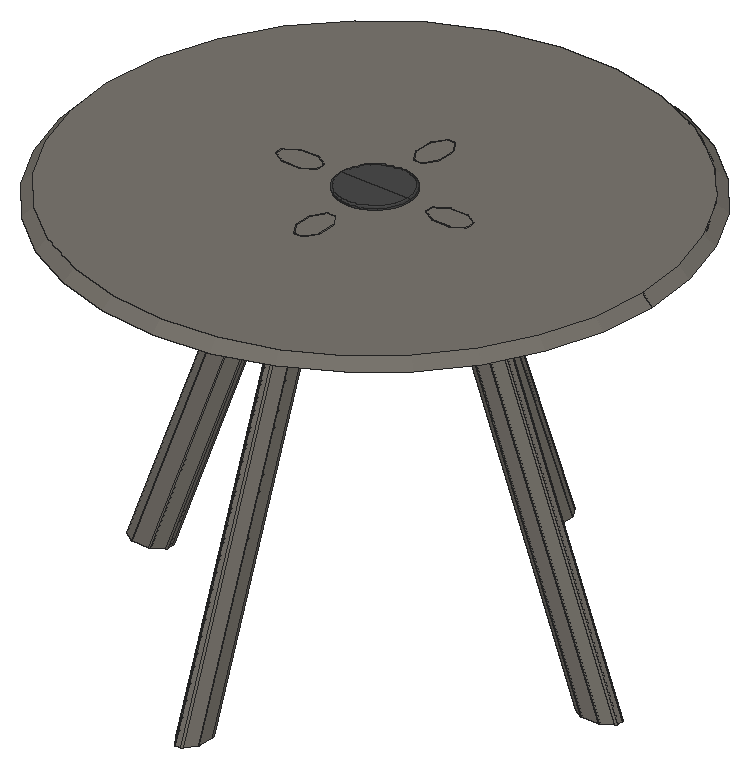
Revit family "Table-Work-Teknion-STBSR_Qui_With_Power-R2014", category Furniture, Revit 2014 (continued)
Definition of nested family "Table-Work-Teknion-STBSR_Square_Qui-R2013"
  Automatic sketch dimensions
    Blend 6 sketch curve to Blend 6 sketch curve = 0.03329"  (x3)
    Blend 6 sketch curve to plane 1 "Center F/B" = 4.76418"
    plane 3 "Center L/R" to Blend 6 sketch curve = 6.99659"
    plane 3 "Center L/R" to Blend 6 sketch curve = 5.72184"
    plane 3 "Center L/R" to Blend 6 sketch curve = 5.79461"
    plane 3 "Center L/R" to Blend 6 sketch curve = 6.55854"
    Blend 7 sketch curve to plane 7 "Front" = 6.35782"
    plane 4 "Left" to Blend 7 sketch curve = 4.12541"
    Blend 7 sketch curve to Blend 7 sketch curve = 0.04019"  (x12)
    plane 4 "Left" to Blend 7 sketch curve = 5.15585"
    Blend 7 sketch curve to Blend 7 sketch curve = 0.1739"  (x3)
    plane 4 "Left" to Blend 7 sketch curve = 5.08307"
    Blend 7 sketch curve to Blend 7 sketch curve = 0.25849"  (x5)
    Blend 7 sketch curve to Blend 7 sketch curve = 0.13936"  (x6)
    Blend 7 sketch curve to Blend 7 sketch curve = 0.74357"  (x4)
    Blend 7 sketch curve to Blend 7 sketch curve = 0.07277"  (x5)
    Blend 7 sketch curve to Blend 7 sketch curve = 0.76393"  (x4)
    Blend 7 sketch curve to Blend 7 sketch curve = 0.14626"  (x5)
    Blend 7 sketch curve to Blend 7 sketch curve = 0.10607"  (x7)
    Blend 7 sketch curve to Blend 7 sketch curve = 0.03329"  (x4)
    plane 1 "Center F/B" to Blend 7 sketch curve = 4.76418"
    Blend 7 sketch curve to plane 3 "Center L/R" = 6.99659"
    Blend 7 sketch curve to plane 3 "Center L/R" = 5.72184"
    Blend 7 sketch curve to plane 3 "Center L/R" = 5.79461"
    Blend 7 sketch curve to plane 3 "Center L/R" = 6.55854"
Definition of nested family "Table-Work-Teknion-STBSR_Round_Qui-R2013"
  Parameters (values of type "25.5" High")
    Width = Diameter  # 36.000"
    Warranty = "http://www.teknionstudio.com/pdfs/Teknion%20Studio%20Warranty.pdf"
    Unit Weight = 0.00 lbf
    URL = "www.teknionstudio.com"
    Table Finish [instance] = none
    Series = "Studio"
    Radius 4 = 8.175"
    Radius 3 = 7.175"
    Radius 2 = Radius - 0.625"  # 17.375"
    Radius = Diameter / 2  # 18.000"
    Product Line = "Qui"
    Product Documentation Link = "http://www.teknionstudio.com/pricing/STBSR_ppg.pdf"
    Part Number = "STBSR"
    Model = "STBSRB25"
    Manufacturer Phone = "919-464-2920"
    Manufacturer Fax = "919-464-2927"
    Manufacturer Email = "customersupport@teknionstudio.com"
    Manufacturer Address = "3941 US 70 Business HWY West, Clayton, NC 27520"
    Manufacturer = "Teknion Studio"
    Low Emitting Material = yes
    Low Emitting Finish = yes
    Height = 25.500"
    Diameter = 36.000"
    Description = "Qui Work Table, Round 36\"dia / 91cm, 25.5\"h / 65 cm"
    Depth = Diameter  # 36.000"
    Assembly Code = "E2020200"
  Reference planes (in)
    plane 1 "Center F/B": y = 0
    plane 2: z = 0
    plane 3 "Center L/R": x = 0
    plane 4 "Left": x = -18
    plane 5 "Right": x = 18
    plane 6 "Back": y = 18
    plane 7 "Front": y = -18
    plane 8 "Top": z = 25.5
    plane 9 "Table Base": z = 24.875
    plane 10 "Table Bottom": z = 23.375
    plane 11 "Leg Top": z = 25.525
  Forms (in)
    Blend 1, solid, material <- "Table Finish"
      base sketch origin (0, 0, 24.875) x (-1, 0, 0) y (0, -1, 0)
        loop
          circle (0, 0) r 18
      top sketch origin (0, 0, 25.5) x (-1, 0, 0) y (0, -1, 0)
        loop
          circle (0, 0) r 17.375
      from 0 to 0
    Blend 2, solid, material <- "Table Finish"
      base sketch origin (0, 0, 23.375) x (-1, 0, 0) y (0, -1, 0)
        loop
          circle (0, 0) r 7.175
      top sketch origin (0, 0, 23.375) x (-1, 0, 0) y (0, -1, 0)
        loop
          circle (0, 0) r 8.175
      from 0 to 1.5
    Blend 3, solid, material <- "Table Finish"
      base sketch origin (0, 0, 25.525) x (-0.707107, -0.707107, 0) y (0.707107, -0.707107, 0)
        loop
          arc (-9.49721, -9.23872) -> (-9.56171, -9.20066) -> (-9.63657, -9.19853) r 0.15
          line (-9.63657, -9.19853) -> (-10.4005, -9.37242)
          arc (-10.4005, -9.37242) -> (-10.43973, -9.38738) -> (-10.47328, -9.41262) r 0.15
          line (-10.47328, -9.41262) -> (-11.21685, -10.15619)
          arc (-11.21685, -10.15619) -> (-11.24209, -10.18973) -> (-11.25704, -10.22896) r 0.15
          line (-11.25704, -10.22896) -> (-11.43094, -10.99289)
          arc (-11.43094, -10.99289) -> (-11.4288, -11.06776) -> (-11.39074, -11.13225) r 0.15
          line (-11.39074, -11.13225) -> (-11.13225, -11.39074)
          arc (-11.13225, -11.39074) -> (-11.06776, -11.4288) -> (-10.99289, -11.43094) r 0.15
          line (-10.99289, -11.43094) -> (-10.22896, -11.25704)
          arc (-10.22896, -11.25704) -> (-10.18973, -11.24209) -> (-10.15619, -11.21685) r 0.15
          line (-10.15619, -11.21685) -> (-9.41262, -10.47328)
          arc (-9.41262, -10.47328) -> (-9.38738, -10.43973) -> (-9.37242, -10.4005) r 0.15
          line (-9.37242, -10.4005) -> (-9.19853, -9.63657)
          arc (-9.19853, -9.63657) -> (-9.20066, -9.56171) -> (-9.23872, -9.49721) r 0.15
          line (-9.23872, -9.49721) -> (-9.49721, -9.23872)
      top sketch origin (0, 0, 25.525) x (-0.707107, -0.707107, 0) y (0.707107, -0.707107, 0)
        loop
          arc (-2.61921, -2.36072) -> (-2.68371, -2.32266) -> (-2.75857, -2.32053) r 0.15
          line (-2.75857, -2.32053) -> (-3.5225, -2.49442)
          arc (-3.5225, -2.49442) -> (-3.56173, -2.50938) -> (-3.59528, -2.53461) r 0.15
          line (-3.59528, -2.53461) -> (-4.33885, -3.27819)
          arc (-4.33885, -3.27819) -> (-4.36409, -3.31173) -> (-4.37904, -3.35096) r 0.15
          line (-4.37904, -3.35096) -> (-4.55294, -4.11489)
          arc (-4.55294, -4.11489) -> (-4.5508, -4.18975) -> (-4.51274, -4.25425) r 0.15
          line (-4.51274, -4.25425) -> (-4.25425, -4.51274)
          arc (-4.25425, -4.51274) -> (-4.18975, -4.5508) -> (-4.11489, -4.55294) r 0.15
          line (-4.11489, -4.55294) -> (-3.35096, -4.37904)
          arc (-3.35096, -4.37904) -> (-3.31173, -4.36409) -> (-3.27819, -4.33885) r 0.15
          line (-3.27819, -4.33885) -> (-2.53461, -3.59528)
          arc (-2.53461, -3.59528) -> (-2.50938, -3.56173) -> (-2.49442, -3.5225) r 0.15
          line (-2.49442, -3.5225) -> (-2.32053, -2.75857)
          arc (-2.32053, -2.75857) -> (-2.32266, -2.68371) -> (-2.36072, -2.61921) r 0.15
          line (-2.36072, -2.61921) -> (-2.61921, -2.36072)
      from -25.525 to -0.025
    Blend 4, solid, material <- "Table Finish"
      base sketch origin (0, 0, 25.525) x (-0.707107, 0.707107, 0) y (-0.707107, -0.707107, 0)
        loop
          arc (-9.49721, -9.23872) -> (-9.56171, -9.20066) -> (-9.63657, -9.19853) r 0.15
          line (-9.63657, -9.19853) -> (-10.4005, -9.37242)
          arc (-10.4005, -9.37242) -> (-10.43973, -9.38738) -> (-10.47328, -9.41262) r 0.15
          line (-10.47328, -9.41262) -> (-11.21685, -10.15619)
          arc (-11.21685, -10.15619) -> (-11.24209, -10.18973) -> (-11.25704, -10.22896) r 0.15
          line (-11.25704, -10.22896) -> (-11.43094, -10.99289)
          arc (-11.43094, -10.99289) -> (-11.4288, -11.06776) -> (-11.39074, -11.13225) r 0.15
          line (-11.39074, -11.13225) -> (-11.13225, -11.39074)
          arc (-11.13225, -11.39074) -> (-11.06776, -11.4288) -> (-10.99289, -11.43094) r 0.15
          line (-10.99289, -11.43094) -> (-10.22896, -11.25704)
          arc (-10.22896, -11.25704) -> (-10.18973, -11.24209) -> (-10.15619, -11.21685) r 0.15
          line (-10.15619, -11.21685) -> (-9.41262, -10.47328)
          arc (-9.41262, -10.47328) -> (-9.38738, -10.43973) -> (-9.37242, -10.4005) r 0.15
          line (-9.37242, -10.4005) -> (-9.19853, -9.63657)
          arc (-9.19853, -9.63657) -> (-9.20066, -9.56171) -> (-9.23872, -9.49721) r 0.15
          line (-9.23872, -9.49721) -> (-9.49721, -9.23872)
      top sketch origin (0, 0, 25.525) x (-0.707107, 0.707107, 0) y (-0.707107, -0.707107, 0)
        loop
          arc (-2.61921, -2.36072) -> (-2.68371, -2.32266) -> (-2.75857, -2.32053) r 0.15
          line (-2.75857, -2.32053) -> (-3.5225, -2.49442)
          arc (-3.5225, -2.49442) -> (-3.56173, -2.50938) -> (-3.59528, -2.53461) r 0.15
          line (-3.59528, -2.53461) -> (-4.33885, -3.27819)
          arc (-4.33885, -3.27819) -> (-4.36409, -3.31173) -> (-4.37904, -3.35096) r 0.15
          line (-4.37904, -3.35096) -> (-4.55294, -4.11489)
          arc (-4.55294, -4.11489) -> (-4.5508, -4.18975) -> (-4.51274, -4.25425) r 0.15
          line (-4.51274, -4.25425) -> (-4.25425, -4.51274)
          arc (-4.25425, -4.51274) -> (-4.18975, -4.5508) -> (-4.11489, -4.55294) r 0.15
          line (-4.11489, -4.55294) -> (-3.35096, -4.37904)
          arc (-3.35096, -4.37904) -> (-3.31173, -4.36409) -> (-3.27819, -4.33885) r 0.15
          line (-3.27819, -4.33885) -> (-2.53461, -3.59528)
          arc (-2.53461, -3.59528) -> (-2.50938, -3.56173) -> (-2.49442, -3.5225) r 0.15
          line (-2.49442, -3.5225) -> (-2.32053, -2.75857)
          arc (-2.32053, -2.75857) -> (-2.32266, -2.68371) -> (-2.36072, -2.61921) r 0.15
          line (-2.36072, -2.61921) -> (-2.61921, -2.36072)
      from -25.525 to -0.025
    Blend 5, solid, material <- "Table Finish"
      base sketch origin (0, 0, 25.525) x (0.707107, 0.707107, 0) y (-0.707107, 0.707107, 0)
        loop
          arc (-9.49721, -9.23872) -> (-9.56171, -9.20066) -> (-9.63657, -9.19853) r 0.15
          line (-9.63657, -9.19853) -> (-10.4005, -9.37242)
          arc (-10.4005, -9.37242) -> (-10.43973, -9.38738) -> (-10.47328, -9.41262) r 0.15
          line (-10.47328, -9.41262) -> (-11.21685, -10.15619)
          arc (-11.21685, -10.15619) -> (-11.24209, -10.18973) -> (-11.25704, -10.22896) r 0.15
          line (-11.25704, -10.22896) -> (-11.43094, -10.99289)
          arc (-11.43094, -10.99289) -> (-11.4288, -11.06776) -> (-11.39074, -11.13225) r 0.15
          line (-11.39074, -11.13225) -> (-11.13225, -11.39074)
          arc (-11.13225, -11.39074) -> (-11.06776, -11.4288) -> (-10.99289, -11.43094) r 0.15
          line (-10.99289, -11.43094) -> (-10.22896, -11.25704)
          arc (-10.22896, -11.25704) -> (-10.18973, -11.24209) -> (-10.15619, -11.21685) r 0.15
          line (-10.15619, -11.21685) -> (-9.41262, -10.47328)
          arc (-9.41262, -10.47328) -> (-9.38738, -10.43973) -> (-9.37242, -10.4005) r 0.15
          line (-9.37242, -10.4005) -> (-9.19853, -9.63657)
          arc (-9.19853, -9.63657) -> (-9.20066, -9.56171) -> (-9.23872, -9.49721) r 0.15
          line (-9.23872, -9.49721) -> (-9.49721, -9.23872)
      top sketch origin (0, 0, 25.525) x (0.707107, 0.707107, 0) y (-0.707107, 0.707107, 0)
        loop
          arc (-2.61921, -2.36072) -> (-2.68371, -2.32266) -> (-2.75857, -2.32053) r 0.15
          line (-2.75857, -2.32053) -> (-3.5225, -2.49442)
          arc (-3.5225, -2.49442) -> (-3.56173, -2.50938) -> (-3.59528, -2.53461) r 0.15
          line (-3.59528, -2.53461) -> (-4.33885, -3.27819)
          arc (-4.33885, -3.27819) -> (-4.36409, -3.31173) -> (-4.37904, -3.35096) r 0.15
          line (-4.37904, -3.35096) -> (-4.55294, -4.11489)
          arc (-4.55294, -4.11489) -> (-4.5508, -4.18975) -> (-4.51274, -4.25425) r 0.15
          line (-4.51274, -4.25425) -> (-4.25425, -4.51274)
          arc (-4.25425, -4.51274) -> (-4.18975, -4.5508) -> (-4.11489, -4.55294) r 0.15
          line (-4.11489, -4.55294) -> (-3.35096, -4.37904)
          arc (-3.35096, -4.37904) -> (-3.31173, -4.36409) -> (-3.27819, -4.33885) r 0.15
          line (-3.27819, -4.33885) -> (-2.53461, -3.59528)
          arc (-2.53461, -3.59528) -> (-2.50938, -3.56173) -> (-2.49442, -3.5225) r 0.15
          line (-2.49442, -3.5225) -> (-2.32053, -2.75857)
          arc (-2.32053, -2.75857) -> (-2.32266, -2.68371) -> (-2.36072, -2.61921) r 0.15
          line (-2.36072, -2.61921) -> (-2.61921, -2.36072)
      from -25.525 to -0.025
    Blend 6, solid, material <- "Table Finish"
      base sketch origin (0, 0, 25.525) x (0.707107, -0.707107, 0) y (0.707107, 0.707107, 0)
        loop
          arc (-9.49721, -9.23872) -> (-9.56171, -9.20066) -> (-9.63657, -9.19853) r 0.15
          line (-9.63657, -9.19853) -> (-10.4005, -9.37242)
          arc (-10.4005, -9.37242) -> (-10.43973, -9.38738) -> (-10.47328, -9.41262) r 0.15
          line (-10.47328, -9.41262) -> (-11.21685, -10.15619)
          arc (-11.21685, -10.15619) -> (-11.24209, -10.18973) -> (-11.25704, -10.22896) r 0.15
          line (-11.25704, -10.22896) -> (-11.43094, -10.99289)
          arc (-11.43094, -10.99289) -> (-11.4288, -11.06776) -> (-11.39074, -11.13225) r 0.15
          line (-11.39074, -11.13225) -> (-11.13225, -11.39074)
          arc (-11.13225, -11.39074) -> (-11.06776, -11.4288) -> (-10.99289, -11.43094) r 0.15
          line (-10.99289, -11.43094) -> (-10.22896, -11.25704)
          arc (-10.22896, -11.25704) -> (-10.18973, -11.24209) -> (-10.15619, -11.21685) r 0.15
          line (-10.15619, -11.21685) -> (-9.41262, -10.47328)
          arc (-9.41262, -10.47328) -> (-9.38738, -10.43973) -> (-9.37242, -10.4005) r 0.15
          line (-9.37242, -10.4005) -> (-9.19853, -9.63657)
          arc (-9.19853, -9.63657) -> (-9.20066, -9.56171) -> (-9.23872, -9.49721) r 0.15
          line (-9.23872, -9.49721) -> (-9.49721, -9.23872)
      top sketch origin (0, 0, 25.525) x (0.707107, -0.707107, 0) y (0.707107, 0.707107, 0)
        loop
          arc (-2.61921, -2.36072) -> (-2.68371, -2.32266) -> (-2.75857, -2.32053) r 0.15
          line (-2.75857, -2.32053) -> (-3.5225, -2.49442)
          arc (-3.5225, -2.49442) -> (-3.56173, -2.50938) -> (-3.59528, -2.53461) r 0.15
          line (-3.59528, -2.53461) -> (-4.33885, -3.27819)
          arc (-4.33885, -3.27819) -> (-4.36409, -3.31173) -> (-4.37904, -3.35096) r 0.15
          line (-4.37904, -3.35096) -> (-4.55294, -4.11489)
          arc (-4.55294, -4.11489) -> (-4.5508, -4.18975) -> (-4.51274, -4.25425) r 0.15
          line (-4.51274, -4.25425) -> (-4.25425, -4.51274)
          arc (-4.25425, -4.51274) -> (-4.18975, -4.5508) -> (-4.11489, -4.55294) r 0.15
          line (-4.11489, -4.55294) -> (-3.35096, -4.37904)
          arc (-3.35096, -4.37904) -> (-3.31173, -4.36409) -> (-3.27819, -4.33885) r 0.15
          line (-3.27819, -4.33885) -> (-2.53461, -3.59528)
          arc (-2.53461, -3.59528) -> (-2.50938, -3.56173) -> (-2.49442, -3.5225) r 0.15
          line (-2.49442, -3.5225) -> (-2.32053, -2.75857)
          arc (-2.32053, -2.75857) -> (-2.32266, -2.68371) -> (-2.36072, -2.61921) r 0.15
          line (-2.36072, -2.61921) -> (-2.61921, -2.36072)
      from -25.525 to -0.025
    Sweep 7, void
      path origin (0, 0, 0) x (1, 0, 0) y (0, 0, 1)
        loop
          line (0, 25.5) -> (0, 25.25)
      profile origin (0, 0, 25.375) x (0, -1, 0) y (1, 0, 0)
        loop
          line (-6.1376, -0.32328) -> (-5.47445, -0.7405)
          arc (-5.47445, -0.7405) -> (-5.43206, -0.7595) -> (-5.38606, -0.766) r 0.166
          line (-5.38606, -0.766) -> (-4.33449, -0.766)
          arc (-4.33449, -0.766) -> (-4.28849, -0.7595) -> (-4.24609, -0.7405) r 0.166
          line (-4.24609, -0.7405) -> (-3.58294, -0.32328)
          arc (-3.58294, -0.32328) -> (-3.52603, -0.26303) -> (-3.50534, -0.18278) r 0.166
          line (-3.50534, -0.18278) -> (-3.50534, 0.18278)
          arc (-3.50534, 0.18278) -> (-3.52603, 0.26303) -> (-3.58294, 0.32328) r 0.166
          line (-3.58294, 0.32328) -> (-4.24609, 0.7405)
          arc (-4.24609, 0.7405) -> (-4.28849, 0.7595) -> (-4.33449, 0.766) r 0.166
          line (-4.33449, 0.766) -> (-5.38606, 0.766)
          arc (-5.38606, 0.766) -> (-5.43206, 0.7595) -> (-5.47445, 0.7405) r 0.166
          line (-5.47445, 0.7405) -> (-6.1376, 0.32328)
          arc (-6.1376, 0.32328) -> (-6.19451, 0.26303) -> (-6.2152, 0.18278) r 0.166
          line (-6.2152, 0.18278) -> (-6.2152, -0.18278)
          arc (-6.2152, -0.18278) -> (-6.19451, -0.26303) -> (-6.1376, -0.32328) r 0.166
        loop
          line (-0.7405, -5.47445) -> (-0.32328, -6.1376)
          arc (-0.32328, -6.1376) -> (-0.26303, -6.19451) -> (-0.18278, -6.2152) r 0.166
          line (-0.18278, -6.2152) -> (0.18278, -6.2152)
          arc (0.18278, -6.2152) -> (0.26303, -6.19451) -> (0.32328, -6.1376) r 0.166
          line (0.32328, -6.1376) -> (0.7405, -5.47445)
          arc (0.7405, -5.47445) -> (0.7595, -5.43206) -> (0.766, -5.38606) r 0.166
          line (0.766, -5.38606) -> (0.766, -4.33449)
          arc (0.766, -4.33449) -> (0.7595, -4.28849) -> (0.7405, -4.24609) r 0.166
          line (0.7405, -4.24609) -> (0.32328, -3.58294)
          arc (0.32328, -3.58294) -> (0.26303, -3.52603) -> (0.18278, -3.50534) r 0.166
          line (0.18278, -3.50534) -> (-0.18278, -3.50534)
          arc (-0.18278, -3.50534) -> (-0.26303, -3.52603) -> (-0.32328, -3.58294) r 0.166
          line (-0.32328, -3.58294) -> (-0.7405, -4.24609)
          arc (-0.7405, -4.24609) -> (-0.7595, -4.28849) -> (-0.766, -4.33449) r 0.166
          line (-0.766, -4.33449) -> (-0.766, -5.38606)
          arc (-0.766, -5.38606) -> (-0.7595, -5.43206) -> (-0.7405, -5.47445) r 0.166
        loop
          line (0.18278, 6.2152) -> (-0.18278, 6.2152)
          arc (-0.18278, 6.2152) -> (-0.26303, 6.19451) -> (-0.32328, 6.1376) r 0.166
          line (-0.32328, 6.1376) -> (-0.7405, 5.47445)
          arc (-0.7405, 5.47445) -> (-0.7595, 5.43206) -> (-0.766, 5.38606) r 0.166
          line (-0.766, 5.38606) -> (-0.766, 4.33449)
          arc (-0.766, 4.33449) -> (-0.7595, 4.28849) -> (-0.7405, 4.24609) r 0.166
          line (-0.7405, 4.24609) -> (-0.32328, 3.58294)
          arc (-0.32328, 3.58294) -> (-0.26303, 3.52603) -> (-0.18278, 3.50534) r 0.166
          line (-0.18278, 3.50534) -> (0.18278, 3.50534)
          arc (0.18278, 3.50534) -> (0.26303, 3.52603) -> (0.32328, 3.58294) r 0.166
          line (0.32328, 3.58294) -> (0.7405, 4.24609)
          arc (0.7405, 4.24609) -> (0.7595, 4.28849) -> (0.766, 4.33449) r 0.166
          line (0.766, 4.33449) -> (0.766, 5.38606)
          arc (0.766, 5.38606) -> (0.7595, 5.43206) -> (0.7405, 5.47445) r 0.166
          line (0.7405, 5.47445) -> (0.32328, 6.1376)
          arc (0.32328, 6.1376) -> (0.26303, 6.19451) -> (0.18278, 6.2152) r 0.166
        loop
          arc (3.58294, 0.32328) -> (3.52603, 0.26303) -> (3.50534, 0.18278) r 0.166
          line (3.50534, 0.18278) -> (3.50534, -0.18278)
          arc (3.50534, -0.18278) -> (3.52603, -0.26303) -> (3.58294, -0.32328) r 0.166
          line (3.58294, -0.32328) -> (4.24609, -0.7405)
          arc (4.24609, -0.7405) -> (4.28849, -0.7595) -> (4.33449, -0.766) r 0.166
          line (4.33449, -0.766) -> (5.38606, -0.766)
          arc (5.38606, -0.766) -> (5.43206, -0.7595) -> (5.47445, -0.7405) r 0.166
          line (5.47445, -0.7405) -> (6.1376, -0.32328)
          arc (6.1376, -0.32328) -> (6.19451, -0.26303) -> (6.2152, -0.18278) r 0.166
          line (6.2152, -0.18278) -> (6.2152, 0.18278)
          arc (6.2152, 0.18278) -> (6.19451, 0.26303) -> (6.1376, 0.32328) r 0.166
          line (6.1376, 0.32328) -> (5.47445, 0.7405)
          arc (5.47445, 0.7405) -> (5.43206, 0.7595) -> (5.38606, 0.766) r 0.166
          line (5.38606, 0.766) -> (4.33449, 0.766)
          arc (4.33449, 0.766) -> (4.28849, 0.7595) -> (4.24609, 0.7405) r 0.166
          line (4.24609, 0.7405) -> (3.58294, 0.32328)
  Cuts and joins
    Sweep 7 cuts Blend 1
  Lines and regions (in)
    Masking region 1
      outline origin (0, 0, 25.525) x (0, -1, 0) y (1, 0, 0)
        loop
          circle (0, 0) r 18
    symbolic lines, style "Hidden Lines", detail levels medium+fine
      curve 1: line (0.18278, 6.1992, 25.525) -> (-0.18278, 6.1992, 25.525)
      curve 2: arc (0.30974, 6.12908, 25.525) -> (0.2553, 6.18051, 25.525) -> (0.18278, 6.1992, 25.525) r 0.15
      curve 3: line (0.72696, 5.46593, 25.525) -> (0.30974, 6.12908, 25.525)
      curve 4: arc (0.75, 5.38606, 25.525) -> (0.74413, 5.42762, 25.525) -> (0.72696, 5.46593, 25.525) r 0.15
      curve 5: line (0.75, 4.33449, 25.525) -> (0.75, 5.38606, 25.525)
      curve 6: arc (0.72696, 4.25461, 25.525) -> (0.74413, 4.29292, 25.525) -> (0.75, 4.33449, 25.525) r 0.15
      curve 7: line (0.30974, 3.59146, 25.525) -> (0.72696, 4.25461, 25.525)
      curve 8: arc (0.18278, 3.52134, 25.525) -> (0.2553, 3.54004, 25.525) -> (0.30974, 3.59146, 25.525) r 0.15
      curve 9: line (-0.18278, 3.52134, 25.525) -> (0.18278, 3.52134, 25.525)
      curve 10: arc (-0.30974, 3.59146, 25.525) -> (-0.2553, 3.54004, 25.525) -> (-0.18278, 3.52134, 25.525) r 0.15
      curve 11: line (-0.72696, 4.25461, 25.525) -> (-0.30974, 3.59146, 25.525)
      curve 12: arc (-0.75, 4.33449, 25.525) -> (-0.74413, 4.29292, 25.525) -> (-0.72696, 4.25461, 25.525) r 0.15
      curve 13: line (-0.75, 5.38606, 25.525) -> (-0.75, 4.33449, 25.525)
      curve 14: arc (-0.72696, 5.46593, 25.525) -> (-0.74413, 5.42762, 25.525) -> (-0.75, 5.38606, 25.525) r 0.15
      curve 15: line (-0.30974, 6.12908, 25.525) -> (-0.72696, 5.46593, 25.525)
      curve 16: arc (-0.18278, 6.1992, 25.525) -> (-0.2553, 6.18051, 25.525) -> (-0.30974, 6.12908, 25.525) r 0.15
      curve 17: line (5.38606, 0.75, 25.525) -> (4.33449, 0.75, 25.525)
      curve 18: arc (5.46593, 0.72696, 25.525) -> (5.42762, 0.74413, 25.525) -> (5.38606, 0.75, 25.525) r 0.15
      curve 19: line (6.12908, 0.30974, 25.525) -> (5.46593, 0.72696, 25.525)
      curve 20: arc (6.1992, 0.18278, 25.525) -> (6.18051, 0.2553, 25.525) -> (6.12908, 0.30974, 25.525) r 0.15
      curve 21: line (6.1992, -0.18278, 25.525) -> (6.1992, 0.18278, 25.525)
      curve 22: arc (6.12908, -0.30974, 25.525) -> (6.18051, -0.2553, 25.525) -> (6.1992, -0.18278, 25.525) r 0.15
      curve 23: line (5.46593, -0.72696, 25.525) -> (6.12908, -0.30974, 25.525)
      curve 24: arc (5.38606, -0.75, 25.525) -> (5.42762, -0.74413, 25.525) -> (5.46593, -0.72696, 25.525) r 0.15
      curve 25: line (4.33449, -0.75, 25.525) -> (5.38606, -0.75, 25.525)
      curve 26: arc (4.25461, -0.72696, 25.525) -> (4.29292, -0.74413, 25.525) -> (4.33449, -0.75, 25.525) r 0.15
      curve 27: line (3.59146, -0.30974, 25.525) -> (4.25461, -0.72696, 25.525)
      curve 28: arc (3.52134, -0.18278, 25.525) -> (3.54004, -0.2553, 25.525) -> (3.59146, -0.30974, 25.525) r 0.15
      curve 29: line (3.52134, 0.18278, 25.525) -> (3.52134, -0.18278, 25.525)
      curve 30: arc (3.59146, 0.30974, 25.525) -> (3.54004, 0.2553, 25.525) -> (3.52134, 0.18278, 25.525) r 0.15
      curve 31: line (4.25461, 0.72696, 25.525) -> (3.59146, 0.30974, 25.525)
      curve 32: arc (4.33449, 0.75, 25.525) -> (4.29292, 0.74413, 25.525) -> (4.25461, 0.72696, 25.525) r 0.15
      curve 33: line (0.18278, -3.52134, 25.525) -> (-0.18278, -3.52134, 25.525)
      curve 34: arc (0.30974, -3.59146, 25.525) -> (0.2553, -3.54004, 25.525) -> (0.18278, -3.52134, 25.525) r 0.15
      curve 35: line (0.72696, -4.25461, 25.525) -> (0.30974, -3.59146, 25.525)
      curve 36: arc (0.75, -4.33449, 25.525) -> (0.74413, -4.29292, 25.525) -> (0.72696, -4.25461, 25.525) r 0.15
      curve 37: line (0.75, -5.38606, 25.525) -> (0.75, -4.33449, 25.525)
      curve 38: arc (0.72696, -5.46593, 25.525) -> (0.74413, -5.42762, 25.525) -> (0.75, -5.38606, 25.525) r 0.15
      curve 39: line (0.30974, -6.12908, 25.525) -> (0.72696, -5.46593, 25.525)
      curve 40: arc (0.18278, -6.1992, 25.525) -> (0.2553, -6.18051, 25.525) -> (0.30974, -6.12908, 25.525) r 0.15
      curve 41: line (-0.18278, -6.1992, 25.525) -> (0.18278, -6.1992, 25.525)
      curve 42: arc (-0.30974, -6.12908, 25.525) -> (-0.2553, -6.18051, 25.525) -> (-0.18278, -6.1992, 25.525) r 0.15
      curve 43: line (-0.72696, -5.46593, 25.525) -> (-0.30974, -6.12908, 25.525)
      curve 44: arc (-0.75, -5.38606, 25.525) -> (-0.74413, -5.42762, 25.525) -> (-0.72696, -5.46593, 25.525) r 0.15
      curve 45: line (-0.75, -4.33449, 25.525) -> (-0.75, -5.38606, 25.525)
      curve 46: arc (-0.72696, -4.25461, 25.525) -> (-0.74413, -4.29292, 25.525) -> (-0.75, -4.33449, 25.525) r 0.15
      curve 47: line (-0.30974, -3.59146, 25.525) -> (-0.72696, -4.25461, 25.525)
      curve 48: arc (-0.18278, -3.52134, 25.525) -> (-0.2553, -3.54004, 25.525) -> (-0.30974, -3.59146, 25.525) r 0.15
      curve 49: line (-3.52134, -0.18278, 25.525) -> (-3.52134, 0.18278, 25.525)
      curve 50: arc (-3.59146, -0.30974, 25.525) -> (-3.54004, -0.2553, 25.525) -> (-3.52134, -0.18278, 25.525) r 0.15
      curve 51: line (-4.25461, -0.72696, 25.525) -> (-3.59146, -0.30974, 25.525)
      curve 52: arc (-4.33449, -0.75, 25.525) -> (-4.29292, -0.74413, 25.525) -> (-4.25461, -0.72696, 25.525) r 0.15
      curve 53: line (-5.38606, -0.75, 25.525) -> (-4.33449, -0.75, 25.525)
      curve 54: arc (-5.46593, -0.72696, 25.525) -> (-5.42762, -0.74413, 25.525) -> (-5.38606, -0.75, 25.525) r 0.15
      curve 55: line (-6.12908, -0.30974, 25.525) -> (-5.46593, -0.72696, 25.525)
      curve 56: arc (-6.1992, -0.18278, 25.525) -> (-6.18051, -0.2553, 25.525) -> (-6.12908, -0.30974, 25.525) r 0.15
      curve 57: line (-6.1992, 0.18278, 25.525) -> (-6.1992, -0.18278, 25.525)
      curve 58: arc (-6.12908, 0.30974, 25.525) -> (-6.18051, 0.2553, 25.525) -> (-6.1992, 0.18278, 25.525) r 0.15
      curve 59: line (-5.46593, 0.72696, 25.525) -> (-6.12908, 0.30974, 25.525)
      curve 60: arc (-5.38606, 0.75, 25.525) -> (-5.42762, 0.74413, 25.525) -> (-5.46593, 0.72696, 25.525) r 0.15
      curve 61: line (-4.33449, 0.75, 25.525) -> (-5.38606, 0.75, 25.525)
      curve 62: arc (-4.25461, 0.72696, 25.525) -> (-4.29292, 0.74413, 25.525) -> (-4.33449, 0.75, 25.525) r 0.15
      curve 63: line (-3.59146, 0.30974, 25.525) -> (-4.25461, 0.72696, 25.525)
      curve 64: arc (-3.52134, 0.18278, 25.525) -> (-3.54004, 0.2553, 25.525) -> (-3.59146, 0.30974, 25.525) r 0.15
    symbolic lines, style "Hidden Lines", detail levels fine
      curve 65: line (5.42932, 0.75, 25.525) -> (15.11302, 0.75, 25.525)
      curve 66: line (15.11302, -0.75, 25.525) -> (5.38606, -0.75, 25.525)
      curve 67: arc (15.11302, 0.75, 25.525) -> (15.15458, 0.74413, 25.525) -> (15.1929, 0.72696, 25.525) r 0.15
      curve 68: line (15.1929, 0.72696, 25.525) -> (15.85604, 0.30974, 25.525)
      curve 69: arc (15.85604, 0.30974, 25.525) -> (15.90747, 0.2553, 25.525) -> (15.92616, 0.18278, 25.525) r 0.15
      curve 70: line (15.92616, 0.18278, 25.525) -> (15.92616, -0.18278, 25.525)
      curve 71: arc (15.92616, -0.18278, 25.525) -> (15.90747, -0.2553, 25.525) -> (15.85604, -0.30974, 25.525) r 0.15
      curve 72: line (15.85604, -0.30974, 25.525) -> (15.1929, -0.72696, 25.525)
      curve 73: arc (15.1929, -0.72696, 25.525) -> (15.15458, -0.74413, 25.525) -> (15.11302, -0.75, 25.525) r 0.15
      curve 74: arc (14.06145, -0.75, 25.525) -> (14.01988, -0.74413, 25.525) -> (13.98157, -0.72696, 25.525) r 0.15
      curve 75: line (13.98157, -0.72696, 25.525) -> (13.31842, -0.30974, 25.525)
      curve 76: arc (13.31842, -0.30974, 25.525) -> (13.267, -0.2553, 25.525) -> (13.2483, -0.18278, 25.525) r 0.15
      curve 77: line (13.2483, -0.18278, 25.525) -> (13.2483, 0.18278, 25.525)
      curve 78: arc (13.2483, 0.18278, 25.525) -> (13.267, 0.2553, 25.525) -> (13.31842, 0.30974, 25.525) r 0.15
      curve 79: line (13.31842, 0.30974, 25.525) -> (13.98157, 0.72696, 25.525)
      curve 80: arc (13.98157, 0.72696, 25.525) -> (14.01988, 0.74413, 25.525) -> (14.06145, 0.75, 25.525) r 0.15
      curve 81: line (0.75, -5.38606, 25.525) -> (0.75, -15.11302, 25.525)
      curve 82: arc (0.75, -15.11302, 25.525) -> (0.74413, -15.15458, 25.525) -> (0.72696, -15.1929, 25.525) r 0.15
      curve 83: line (0.72696, -15.1929, 25.525) -> (0.30974, -15.85604, 25.525)
      curve 84: arc (0.30974, -15.85604, 25.525) -> (0.2553, -15.90747, 25.525) -> (0.18278, -15.92616, 25.525) r 0.15
      curve 85: line (0.18278, -15.92616, 25.525) -> (-0.18278, -15.92616, 25.525)
      curve 86: arc (-0.18278, -15.92616, 25.525) -> (-0.2553, -15.90747, 25.525) -> (-0.30974, -15.85604, 25.525) r 0.15
      curve 87: line (-0.30974, -15.85604, 25.525) -> (-0.72696, -15.1929, 25.525)
      curve 88: arc (-0.72696, -15.1929, 25.525) -> (-0.74413, -15.15458, 25.525) -> (-0.75, -15.11302, 25.525) r 0.15
      curve 89: line (-0.75, -15.11302, 25.525) -> (-0.75, -5.38606, 25.525)
      curve 90: arc (-0.75, -14.06145, 25.525) -> (-0.74413, -14.01988, 25.525) -> (-0.72696, -13.98157, 25.525) r 0.15
      curve 91: line (-0.72696, -13.98157, 25.525) -> (-0.30974, -13.31842, 25.525)
      curve 92: arc (-0.30974, -13.31842, 25.525) -> (-0.2553, -13.267, 25.525) -> (-0.18278, -13.2483, 25.525) r 0.15
      curve 93: line (-0.18278, -13.2483, 25.525) -> (0.18278, -13.2483, 25.525)
      curve 94: arc (0.18278, -13.2483, 25.525) -> (0.2553, -13.267, 25.525) -> (0.30974, -13.31842, 25.525) r 0.15
      curve 95: line (0.30974, -13.31842, 25.525) -> (0.72696, -13.98157, 25.525)
      curve 96: arc (0.72696, -13.98157, 25.525) -> (0.74413, -14.01988, 25.525) -> (0.75, -14.06145, 25.525) r 0.15
      curve 97: line (-15.11302, 0.75, 25.525) -> (-5.38606, 0.75, 25.525)
      curve 98: line (-5.38606, -0.75, 25.525) -> (-15.11302, -0.75, 25.525)
      curve 99: arc (-15.11302, -0.75, 25.525) -> (-15.15458, -0.74413, 25.525) -> (-15.1929, -0.72696, 25.525) r 0.15
      curve 100: line (-15.1929, -0.72696, 25.525) -> (-15.85604, -0.30974, 25.525)
      curve 101: arc (-15.85604, -0.30974, 25.525) -> (-15.90747, -0.2553, 25.525) -> (-15.92616, -0.18278, 25.525) r 0.15
      curve 102: line (-15.92616, -0.18278, 25.525) -> (-15.92616, 0.18278, 25.525)
      curve 103: arc (-15.92616, 0.18278, 25.525) -> (-15.90747, 0.2553, 25.525) -> (-15.85604, 0.30974, 25.525) r 0.15
      curve 104: line (-15.85604, 0.30974, 25.525) -> (-15.1929, 0.72696, 25.525)
      curve 105: arc (-15.1929, 0.72696, 25.525) -> (-15.15458, 0.74413, 25.525) -> (-15.11302, 0.75, 25.525) r 0.15
      curve 106: arc (-14.06145, 0.75, 25.525) -> (-14.01988, 0.74413, 25.525) -> (-13.98157, 0.72696, 25.525) r 0.15
      curve 107: line (-13.98157, 0.72696, 25.525) -> (-13.31842, 0.30974, 25.525)
      curve 108: arc (-13.31842, 0.30974, 25.525) -> (-13.267, 0.2553, 25.525) -> (-13.2483, 0.18278, 25.525) r 0.15
      curve 109: line (-13.2483, 0.18278, 25.525) -> (-13.2483, -0.18278, 25.525)
      curve 110: arc (-13.2483, -0.18278, 25.525) -> (-13.267, -0.2553, 25.525) -> (-13.31842, -0.30974, 25.525) r 0.15
      curve 111: line (-13.31842, -0.30974, 25.525) -> (-13.98157, -0.72696, 25.525)
      curve 112: arc (-13.98157, -0.72696, 25.525) -> (-14.01988, -0.74413, 25.525) -> (-14.06145, -0.75, 25.525) r 0.15
      curve 113: line (0.72696, 13.98157, 25.525) -> (0.30974, 13.31842, 25.525)
      curve 114: arc (0.30974, 13.31842, 25.525) -> (0.2553, 13.267, 25.525) -> (0.18278, 13.2483, 25.525) r 0.15
      curve 115: line (0.18278, 13.2483, 25.525) -> (-0.18278, 13.2483, 25.525)
      curve 116: arc (-0.18278, 13.2483, 25.525) -> (-0.2553, 13.267, 25.525) -> (-0.30974, 13.31842, 25.525) r 0.15
      curve 117: line (-0.30974, 13.31842, 25.525) -> (-0.72696, 13.98157, 25.525)
      curve 118: arc (-0.72696, 13.98157, 25.525) -> (-0.74413, 14.01988, 25.525) -> (-0.75, 14.06145, 25.525) r 0.15
      curve 119: line (-0.75, 5.42932, 25.525) -> (-0.75, 15.11302, 25.525)
      curve 120: arc (-0.75, 15.11302, 25.525) -> (-0.74413, 15.15458, 25.525) -> (-0.72696, 15.1929, 25.525) r 0.15
      curve 121: line (-0.72696, 15.1929, 25.525) -> (-0.30974, 15.85604, 25.525)
      curve 122: arc (-0.30974, 15.85604, 25.525) -> (-0.2553, 15.90747, 25.525) -> (-0.18278, 15.92616, 25.525) r 0.15
      curve 123: line (-0.18278, 15.92616, 25.525) -> (0.18278, 15.92616, 25.525)
      curve 124: arc (0.18278, 15.92616, 25.525) -> (0.2553, 15.90747, 25.525) -> (0.30974, 15.85604, 25.525) r 0.15
      curve 125: line (0.30974, 15.85604, 25.525) -> (0.72696, 15.1929, 25.525)
      curve 126: arc (0.72696, 15.1929, 25.525) -> (0.74413, 15.15458, 25.525) -> (0.75, 15.11302, 25.525) r 0.15
      curve 127: line (0.75, 15.11302, 25.525) -> (0.75, 5.38606, 25.525)
      curve 128: arc (0.75, 14.06145, 25.525) -> (0.74413, 14.01988, 25.525) -> (0.72696, 13.98157, 25.525) r 0.15
      curve 129: circle (0, 0, 25.525) r 8.175 normal (0, 0, 1)
      curve 130: circle (0, 0, 25.525) r 7.175 normal (0, 0, -1)
    symbolic lines, detail levels medium+fine
      curve 131: circle (0, 0, 25.525) r 17.375 normal (0, 0, 1)
  Dimensions and locks (in)
    "Height": plane 8 "Top" to plane 2
    equal spacing: plane 4 "Left", plane 3 "Center L/R", plane 5 "Right"
    "Width": plane 4 "Left" to plane 5 "Right"
    equal spacing: plane 6 "Back", plane 1 "Center F/B", plane 7 "Front"
    "Depth": plane 6 "Back" to plane 7 "Front"
    plane 8 "Top" to plane 9 "Table Base" to plane 10 "Table Bottom" = 0.625" locked, 1.500" locked
    locked: plane 11 "Leg Top" to plane 8 "Top" at 0.025
    locked: Blend 3 sketch curve to Blend 3 sketch curve at 2.67786  (x2)
    locked: Blend 3 sketch curve to Blend 3 sketch curve at 1.5  (x2)
    locked: Blend 3 sketch curve to Blend 3 sketch curve at 1.87568  (x4)
    locked: Blend 4 sketch curve to Blend 4 sketch curve at 2.67786  (x2)
    locked: Blend 4 sketch curve to Blend 4 sketch curve at 1.5  (x2)
    locked: Blend 4 sketch curve to Blend 4 sketch curve at 1.87568  (x4)
    locked: Blend 5 sketch curve to Blend 5 sketch curve at 2.67786  (x2)
    locked: Blend 5 sketch curve to Blend 5 sketch curve at 1.5  (x2)
    locked: Blend 5 sketch curve to Blend 5 sketch curve at 1.87568  (x4)
    locked: Blend 6 sketch curve to Blend 6 sketch curve at 2.67786  (x2)
    locked: Blend 6 sketch curve to Blend 6 sketch curve at 1.5  (x2)
    locked: Blend 6 sketch curve to Blend 6 sketch curve at 1.87568  (x4)
    locked: Blend 3 sketch curve to plane 3 "Center L/R" at 13.2483
    locked: Blend 3 sketch curve to plane 3 "Center L/R" at 0.75
    locked: Blend 4 sketch curve to plane 3 "Center L/R" at 13.2483
    locked: Blend 4 sketch curve to plane 3 "Center L/R" at 0.75
    locked: Blend 5 sketch curve to plane 3 "Center L/R" at 13.2483
    locked: Blend 5 sketch curve to plane 3 "Center L/R" at 0.75
    locked: Blend 6 sketch curve to plane 3 "Center L/R" at 13.2483
    locked: Blend 6 sketch curve to plane 3 "Center L/R" at 0.75
    locked: plane 8 "Top" to Sweep 7 sketch curve at 0.25
    Sweep 7 sketch curve to Sweep 7 sketch curve to Sweep 7 sketch curve to plane 3 "Center L/R" to Sweep 7 sketch curve to Sweep 7 sketch curve to Sweep 7 sketch curve = 2.70986" locked, 2.73934" locked, 0.766" locked, 0.766" locked, 2.73934" locked, 2.70986" locked
    Sweep 7 sketch curve to Sweep 7 sketch curve to plane 1 "Center F/B" to Sweep 7 sketch curve to Sweep 7 sketch curve = 2.70986" locked, 3.50534" locked, 3.50534" locked, 2.70986" locked
    "Radius": radius of Blend 1 sketch curve
    "Radius 2": radius of Blend 1 sketch curve
    "Radius": radius of Masking region 1 sketch curve
    "Radius 3": radius of Blend 2 sketch curve
    "Radius 4": radius of Blend 2 sketch curve
    aligned and locked: level to plane 2
    aligned and locked: plane 8 "Top" to Blend 1
    aligned and locked: Blend 1 to plane 9 "Table Base"
    aligned and locked: Blend 2 to plane 10 "Table Bottom"
    aligned and locked: plane 9 "Table Base" to Blend 2
    aligned and locked: Blend 6 to plane 2
    aligned and locked: Blend 3 to plane 2
    aligned and locked: Blend 5 to plane 2
    aligned and locked: Blend 4 to plane 2
    aligned and locked: Blend 4 to curve 17
    aligned and locked: Blend 4 to curve 25
    aligned and locked: curve 66 to Blend 4
    aligned and locked: Blend 3 to curve 13
    aligned and locked: Blend 3 to curve 5
    aligned and locked: curve 127 to Blend 3
    aligned and locked: Blend 6 to curve 61
    aligned and locked: curve 97 to Blend 6
    aligned and locked: curve 98 to Blend 6
    aligned and locked: Blend 5 to curve 45
    aligned and locked: curve 89 to Blend 5
    aligned and locked: plane 3 "Center L/R" to Blend 1 sketch curve  (x2)
    aligned and locked: plane 1 "Center F/B" to Blend 1 sketch curve  (x2)
    aligned and locked: plane 3 "Center L/R" to Masking region 1 sketch curve
    aligned and locked: plane 1 "Center F/B" to Masking region 1 sketch curve
    aligned and locked: plane 3 "Center L/R" to Blend 2 sketch curve  (x2)
    aligned and locked: plane 1 "Center F/B" to Blend 2 sketch curve  (x2)
    aligned and locked: curve 9 to Blend 3
    aligned and locked: curve 7 to Blend 3
    aligned and locked: curve 11 to Blend 3
    aligned and locked: curve 119 to Blend 3
    aligned and locked: curve 15 to Blend 3
    aligned and locked: curve 1 to Blend 3
    aligned and locked: curve 3 to Blend 3
    aligned and locked: curve 115 to Blend 3
    aligned and locked: curve 113 to Blend 3
    aligned and locked: curve 117 to Blend 3
    aligned and locked: curve 121 to Blend 3
    aligned and locked: curve 123 to Blend 3
    aligned and locked: curve 125 to Blend 3
    aligned and locked: curve 29 to Blend 4
    aligned and locked: curve 31 to Blend 4
    aligned and locked: curve 27 to Blend 4
    aligned and locked: curve 65 to Blend 4
    aligned and locked: curve 77 to Blend 4
    aligned and locked: Blend 4 to curve 79
    aligned and locked: Blend 4 to curve 75
    aligned and locked: curve 68 to Blend 4
    aligned and locked: curve 70 to Blend 4
    aligned and locked: Blend 4 to curve 72
    aligned and locked: curve 33 to Blend 5
    aligned and locked: curve 35 to Blend 5
    aligned and locked: curve 47 to Blend 5
    aligned and locked: curve 39 to Blend 5
    aligned and locked: curve 43 to Blend 5
    aligned and locked: Blend 5 to curve 41
    aligned and locked: curve 81 to Blend 5
    aligned and locked: curve 93 to Blend 5
    aligned and locked: curve 95 to Blend 5
    aligned and locked: curve 91 to Blend 5
    aligned and locked: curve 83 to Blend 5
    aligned and locked: curve 85 to Blend 5
    aligned and locked: curve 87 to Blend 5
    aligned and locked: curve 49 to Blend 6
    aligned and locked: curve 63 to Blend 6
    aligned and locked: curve 51 to Blend 6
    aligned and locked: curve 55 to Blend 6
    aligned and locked: curve 57 to Blend 6
    aligned and locked: curve 59 to Blend 6
    aligned and locked: curve 109 to Blend 6
    aligned and locked: curve 107 to Blend 6
    aligned and locked: curve 111 to Blend 6
    aligned and locked: curve 100 to Blend 6
    aligned and locked: curve 102 to Blend 6
    aligned and locked: curve 104 to Blend 6
    aligned and locked: curve 130 to Blend 2
    aligned and locked: curve 129 to Blend 2
    aligned and locked: curve 131 to Blend 1
    aligned and locked: plane 8 "Top" to Blend 6
    aligned and locked: plane 8 "Top" to Blend 5
    aligned and locked: plane 8 "Top" to Blend 3
    aligned and locked: plane 8 "Top" to Blend 4
    aligned and locked: plane 8 "Top" to Sweep 7 sketch curve
    aligned and locked: Sweep 7 sketch curve to plane 3 "Center L/R"
  Automatic sketch dimensions
    plane 3 "Center L/R" to Blend 3 sketch curve = 0.30974"  (x2)
    Blend 3 sketch curve to plane 6 "Back" = 2.14396"  (x2)
    Blend 3 sketch curve to plane 3 "Center L/R" = 0.30974"  (x2)
    Blend 3 sketch curve to Blend 3 sketch curve = 0.04019"  (x12)
    Blend 3 sketch curve to Blend 3 sketch curve = 0.1739"  (x4)
    Blend 3 sketch curve to Blend 3 sketch curve = 0.13936"  (x5)
    Blend 3 sketch curve to Blend 3 sketch curve = 0.74357"  (x4)
    Blend 3 sketch curve to Blend 3 sketch curve = 0.07277"  (x6)
    Blend 3 sketch curve to Blend 3 sketch curve = 0.76393"  (x4)
    Blend 3 sketch curve to Blend 3 sketch curve = 0.25849"  (x2)
    Blend 3 sketch curve to Blend 3 sketch curve = 0.14626"  (x2)
    Blend 3 sketch curve to Blend 3 sketch curve = 0.10607"  (x11)
    Blend 3 sketch curve to Blend 3 sketch curve = 0.03329"  (x3)
    Blend 3 sketch curve to plane 6 "Back" = 11.87092"  (x2)
    Blend 3 sketch curve to Blend 3 sketch curve = 0.97607"
    plane 1 "Center F/B" to Blend 4 sketch curve = 0.30974"  (x2)
    Blend 4 sketch curve to plane 5 "Right" = 2.14396"  (x2)
    Blend 4 sketch curve to plane 1 "Center F/B" = 0.30974"  (x2)
    Blend 4 sketch curve to Blend 4 sketch curve = 0.04019"  (x12)
    Blend 4 sketch curve to Blend 4 sketch curve = 0.1739"  (x4)
    Blend 4 sketch curve to Blend 4 sketch curve = 0.13936"  (x5)
    Blend 4 sketch curve to Blend 4 sketch curve = 0.74357"  (x4)
    Blend 4 sketch curve to Blend 4 sketch curve = 0.07277"  (x6)
    Blend 4 sketch curve to Blend 4 sketch curve = 0.76393"  (x4)
    Blend 4 sketch curve to Blend 4 sketch curve = 0.25849"  (x2)
    Blend 4 sketch curve to Blend 4 sketch curve = 0.14626"  (x3)
    Blend 4 sketch curve to Blend 4 sketch curve = 0.10607"  (x7)
    Blend 4 sketch curve to Blend 4 sketch curve = 0.03329"  (x6)
    Blend 4 sketch curve to plane 5 "Right" = 11.87092"  (x2)
    Blend 4 sketch curve to Blend 4 sketch curve = 0.97607"
    Blend 5 sketch curve to plane 3 "Center L/R" = 0.30974"  (x2)
    Blend 5 sketch curve to plane 7 "Front" = 2.14396"  (x2)
    plane 3 "Center L/R" to Blend 5 sketch curve = 0.30974"  (x2)
    Blend 5 sketch curve to Blend 5 sketch curve = 0.04019"  (x12)
    Blend 5 sketch curve to Blend 5 sketch curve = 0.1739"  (x4)
    Blend 5 sketch curve to Blend 5 sketch curve = 0.13936"  (x5)
    Blend 5 sketch curve to Blend 5 sketch curve = 0.74357"  (x4)
    Blend 5 sketch curve to Blend 5 sketch curve = 0.07277"  (x6)
    Blend 5 sketch curve to Blend 5 sketch curve = 0.76393"  (x4)
    Blend 5 sketch curve to Blend 5 sketch curve = 0.25849"  (x2)
    Blend 5 sketch curve to Blend 5 sketch curve = 0.10607"  (x10)
    Blend 5 sketch curve to Blend 5 sketch curve = 0.03329"  (x3)
    Blend 5 sketch curve to Blend 5 sketch curve = 0.14626"  (x3)
    Blend 5 sketch curve to plane 7 "Front" = 11.87092"  (x2)
    Blend 5 sketch curve to Blend 5 sketch curve = 0.97607"
    Blend 6 sketch curve to plane 1 "Center F/B" = 0.30974"  (x2)
    plane 4 "Left" to Blend 6 sketch curve = 2.14396"  (x2)
    plane 1 "Center F/B" to Blend 6 sketch curve = 0.30974"  (x2)
    Blend 6 sketch curve to Blend 6 sketch curve = 0.04019"  (x12)
    Blend 6 sketch curve to Blend 6 sketch curve = 0.1739"  (x4)
    Blend 6 sketch curve to Blend 6 sketch curve = 0.13936"  (x5)
    Blend 6 sketch curve to Blend 6 sketch curve = 0.74357"  (x4)
    Blend 6 sketch curve to Blend 6 sketch curve = 0.07277"  (x6)
    Blend 6 sketch curve to Blend 6 sketch curve = 0.76393"  (x4)
    Blend 6 sketch curve to Blend 6 sketch curve = 0.25849"  (x2)
    Blend 6 sketch curve to Blend 6 sketch curve = 0.10607"  (x10)
    Blend 6 sketch curve to Blend 6 sketch curve = 0.03329"  (x4)
    Blend 6 sketch curve to Blend 6 sketch curve = 0.14626"  (x2)
    plane 4 "Left" to Blend 6 sketch curve = 11.87092"  (x2)
    Blend 6 sketch curve to Blend 6 sketch curve = 0.97607"
    plane 3 "Center L/R" to curve 125 = 0.30974"
    curve 104 to plane 1 "Center F/B" = 0.30974"
    curve 121 to plane 3 "Center L/R" = 0.30974"
    plane 3 "Center L/R" to curve 125 = 0.72696"
    curve 121 to plane 3 "Center L/R" = 0.72696"
    curve 120 to curve 119 = 0.07988"
    curve 126 to curve 127 = 0.07988"
    curve 117 to plane 3 "Center L/R" = 0.72696"
    plane 3 "Center L/R" to curve 113 = 0.72696"
    curve 117 to plane 3 "Center L/R" = 0.30974"
    plane 3 "Center L/R" to curve 113 = 0.30974"
    curve 15 to plane 3 "Center L/R" = 0.30974"
    plane 3 "Center L/R" to curve 3 = 0.30974"
    plane 3 "Center L/R" to curve 3 = 0.72696"
    curve 15 to plane 3 "Center L/R" = 0.72696"
    curve 15 to curve 13 = 0.07988"
    curve 3 to curve 127 = 0.07988"
    curve 13 to curve 10 = 0.81315"
    curve 5 to curve 8 = 0.81315"
    curve 11 to plane 3 "Center L/R" = 0.72696"
    plane 3 "Center L/R" to curve 7 = 0.72696"
    curve 11 to plane 3 "Center L/R" = 0.30974"
    plane 3 "Center L/R" to curve 7 = 0.30974"
    curve 80 to curve 79 = 0.02304"
    curve 61 to curve 63 = 0.02304"
    curve 106 to curve 107 = 0.02304"
    curve 61 to curve 59 = 0.02304"
    curve 67 to curve 68 = 0.02304"
    curve 17 to curve 19 = 0.02304"
    curve 32 to curve 31 = 0.02304"
    curve 105 to curve 104 = 0.02304"
    curve 68 to plane 1 "Center F/B" = 0.30974"
    curve 59 to plane 1 "Center F/B" = 0.30974"
    curve 19 to plane 1 "Center F/B" = 0.30974"
    curve 107 to plane 1 "Center F/B" = 0.30974"
    curve 63 to plane 1 "Center F/B" = 0.30974"
    curve 79 to plane 1 "Center F/B" = 0.30974"
    curve 31 to plane 1 "Center F/B" = 0.30974"
    curve 107 to curve 109 = 0.12696"
    curve 20 to curve 21 = 0.12696"
    curve 58 to curve 57 = 0.12696"
    curve 69 to curve 70 = 0.12696"
    curve 79 to curve 77 = 0.12696"
    curve 104 to curve 102 = 0.12696"
    curve 63 to curve 49 = 0.12696"
    curve 30 to curve 29 = 0.12696"
    plane 1 "Center F/B" to curve 102 = 0.18278"
    plane 1 "Center F/B" to curve 70 = 0.18278"
    plane 1 "Center F/B" to curve 57 = 0.18278"
    plane 1 "Center F/B" to curve 29 = 0.18278"
    plane 1 "Center F/B" to curve 49 = 0.18278"
    plane 1 "Center F/B" to curve 77 = 0.18278"
    plane 1 "Center F/B" to curve 21 = 0.18278"
    plane 1 "Center F/B" to curve 109 = 0.18278"
    curve 50 to curve 51 = 0.12696"
    curve 28 to curve 27 = 0.12696"
    curve 110 to curve 111 = 0.12696"
    curve 76 to curve 75 = 0.12696"
    curve 21 to curve 23 = 0.12696"
    curve 102 to curve 100 = 0.12696"
    curve 70 to curve 72 = 0.12696"
    curve 57 to curve 55 = 0.12696"
    curve 100 to curve 99 = 0.02304"
    curve 72 to curve 66 = 0.02304"
    curve 27 to curve 25 = 0.02304"
    curve 75 to curve 74 = 0.02304"
    curve 51 to curve 53 = 0.02304"
    curve 55 to curve 54 = 0.02304"
    curve 23 to curve 24 = 0.02304"
    curve 111 to curve 112 = 0.02304"
    plane 3 "Center L/R" to curve 35 = 0.30974"
    curve 47 to plane 3 "Center L/R" = 0.30974"
    plane 3 "Center L/R" to curve 35 = 0.72696"
    curve 47 to plane 3 "Center L/R" = 0.72696"
    curve 46 to curve 45 = 0.07988"
    curve 35 to curve 37 = 0.07988"
    curve 45 to curve 41 = 0.81315"
    curve 37 to curve 40 = 0.81315"
    plane 3 "Center L/R" to curve 39 = 0.72696"
    curve 43 to plane 3 "Center L/R" = 0.72696"
    plane 3 "Center L/R" to curve 39 = 0.30974"
    curve 43 to plane 3 "Center L/R" = 0.30974"
    curve 91 to plane 3 "Center L/R" = 0.30974"
    plane 3 "Center L/R" to curve 95 = 0.30974"
    curve 91 to plane 3 "Center L/R" = 0.72696"
    plane 3 "Center L/R" to curve 95 = 0.72696"
    curve 81 to curve 84 = 0.81315"
    curve 89 to curve 86 = 0.81315"
    curve 87 to plane 3 "Center L/R" = 0.72696"
    plane 3 "Center L/R" to curve 83 = 0.72696"
    curve 87 to plane 3 "Center L/R" = 0.30974"
    plane 3 "Center L/R" to curve 83 = 0.30974"
    curve 123 to curve 124 = 0.150"
    curve 122 to curve 122 = 0.07988"
    curve 128 to curve 113 = 0.07988"
    curve 118 to curve 117 = 0.07988"
    curve 114 to curve 115 = 0.150"
    curve 116 to curve 116 = 0.07988"
    curve 1 to curve 119 = 0.76989"
    curve 1 to curve 2 = 0.150"
    curve 15 to curve 16 = 0.07988"
    curve 8 to curve 8 = 0.150"
    curve 10 to curve 10 = 0.150"
    curve 80 to curve 80 = 0.12696"
    curve 19 to curve 18 = 0.12696"
    curve 61 to curve 62 = 0.150"
    curve 104 to curve 105 = 0.12696"
    curve 32 to curve 32 = 0.12696"
    curve 67 to curve 67 = 0.150"
    curve 61 to curve 60 = 0.150"
    curve 107 to curve 106 = 0.12696"
    curve 54 to curve 55 = 0.12696"
    curve 26 to curve 27 = 0.12696"
    curve 112 to curve 112 = 0.150"
    curve 24 to curve 23 = 0.12696"
    curve 99 to curve 99 = 0.150"
    curve 52 to curve 53 = 0.150"
    curve 73 to curve 66 = 0.150"
    curve 74 to curve 75 = 0.12696"
    curve 47 to curve 48 = 0.07988"
    curve 34 to curve 34 = 0.07988"
    curve 40 to curve 39 = 0.07988"
    curve 42 to curve 41 = 0.150"
    curve 94 to curve 94 = 0.150"
    curve 92 to curve 92 = 0.07988"
    curve 96 to curve 96 = 0.07988"
    curve 90 to curve 90 = 0.07988"
    curve 84 to curve 83 = 0.07988"
    curve 86 to curve 87 = 0.07988"
    curve 32 to curve 17 = 1.05157"
    curve 26 to curve 25 = 1.05157"
    curve 24 to curve 23 = 0.66315"
    curve 19 to curve 23 = 0.000"
    curve 20 to curve 21 = 0.07012"
    curve 97 to curve 61 = 0.000"
    curve 65 to curve 21 = 0.76989"
    profile plane to Sweep 7 sketch curve = 0.18278"  (x2)
    Sweep 7 sketch curve to profile plane = 0.32328"  (x4)
    Sweep 7 sketch curve to Sweep 7 sketch curve = 0.0776"  (x12)
    profile plane to Sweep 7 sketch curve = 0.32328"  (x4)
    Sweep 7 sketch curve to Sweep 7 sketch curve = 0.66315"  (x12)
    profile plane to Sweep 7 sketch curve = 0.7405"  (x4)
    Sweep 7 sketch curve to Sweep 7 sketch curve = 0.0884"  (x12)
    Sweep 7 sketch curve to Sweep 7 sketch curve = 1.05157"  (x4)
    Sweep 7 sketch curve to profile plane = 0.7405"  (x3)
    Sweep 7 sketch curve to Sweep 7 sketch curve = 0.000"  (x4)
    Sweep 7 sketch curve to Sweep 7 sketch curve = 0.166"  (x3)
    Sweep 7 sketch curve to Sweep 7 sketch curve = 0.0255"  (x8)
    Sweep 7 sketch curve to plane 1 "Center F/B" = 0.766"  (x2)
    Sweep 7 sketch curve to plane 1 "Center F/B" = 0.18278"  (x2)
    Sweep 7 sketch curve to plane 1 "Center F/B" = 0.32328"  (x2)
    Sweep 7 sketch curve to Sweep 7 sketch curve = 0.1405"  (x15)
    plane 1 "Center F/B" to Sweep 7 sketch curve = 0.18278"  (x4)
    plane 1 "Center F/B" to Sweep 7 sketch curve = 0.7405"  (x4)
    profile plane to Sweep 7 sketch curve = 0.766"
Definition of nested family "Outlet-Power-Teknion"
  Parameters (values of type "Outlet")
    Power Finish [instance] = Plastic - StudioTK - 8B - Ebony
  Reference planes (in)
    plane 1 "Center (Front/Back)": y = 0
    plane 2: z = 0
    plane 3 "Center (Left/Right)": x = 0
    plane 4 "Top": z = 0.17498
  Forms (in)
    Revolve 1, solid, material "Plastic - StudioTK - 8B - Ebony" <- "Power Finish"
      sketch origin (0, 0, 0) x (1, 0, 0) y (0, 0, 1)
        loop
          line (0, 0.17498) -> (0, -0.40065) -> (2.25001, -0.40065) -> (2.25001, 0.07882)
          arc (2.25001, 0.07882) -> (2.22184, 0.14682) -> (2.15385, 0.17498) r 0.09616
          line (2.15385, 0.17498) -> (0, 0.17498)
        axis (0, 0.17498) -> (0, -0.40065)
      angle from 0 to 360
    Extrusion 2, solid, material "Plastic - StudioTK - 8B - Ebony" <- "Power Finish"
      sketch origin (0.00001, 0, 0.17498) x (1, 0, 0) y (0, 1, 0)
        loop
          circle (-0.00001, 0) r 2.25001
      from -0.60285 to -0.57564
  Cuts and joins
    joined: Revolve 1, Extrusion 2
  Lines and regions (in)
    model lines
      curve 1: circle (-0.96787, 0.55311, 0.17498) r 0.75845 normal (0, 0, 1)
      curve 2: circle (0.97016, 0.55311, 0.17498) r 0.75845 normal (0, 0, 1)
      curve 3: circle (0, -1.12401, 0.17498) r 0.75845 normal (0, 0, 1)
  Dimensions and locks (in)
    locked: Revolve 1 sketch curve to plane 3 "Center (Left/Right)" at 2.25001
    locked: plane 4 "Top" to plane 2 at 0.17498
    curve 1 to plane 3 "Center (Left/Right)" to curve 2 = 0.96787" locked, 0.97016" locked
    locked: plane 1 "Center (Front/Back)" to curve 1 at 0.55311
    locked: plane 1 "Center (Front/Back)" to curve 2 at 0.55311
    locked: curve 3 to plane 1 "Center (Front/Back)" at 1.12401
    locked: plane 4 "Top" to Revolve 1 sketch curve at 0.57564
    locked: plane 2 to Extrusion 2 at 0.42786
    aligned and locked: level to plane 2
    aligned and locked: Revolve 1 sketch curve to plane 3 "Center (Left/Right)"
    aligned and locked: Extrusion 2 sketch curve to Revolve 1  (x2)
    aligned and locked: Extrusion 2 to Revolve 1
Types (3): name | Square Table Visibility | Round Table Visibility | Model | Description
  (no name) | no | yes | "STBSRB25P" | "Qui Work Table With Power, Round 36\"dia / 91cm, 25.5\"h / 65 cm"
  Round, 25.5" High | no | yes | "STBSRB25P" | "Qui Work Table With Power, Round 36\"dia / 91cm, 25.5\"h / 65 cm"
  Square, 25.5" High | yes | no | "STBSRD25P" | "Qui Work Table With Power, Square 36\"w / 91cm, 25.5\"h / 65 cm"
